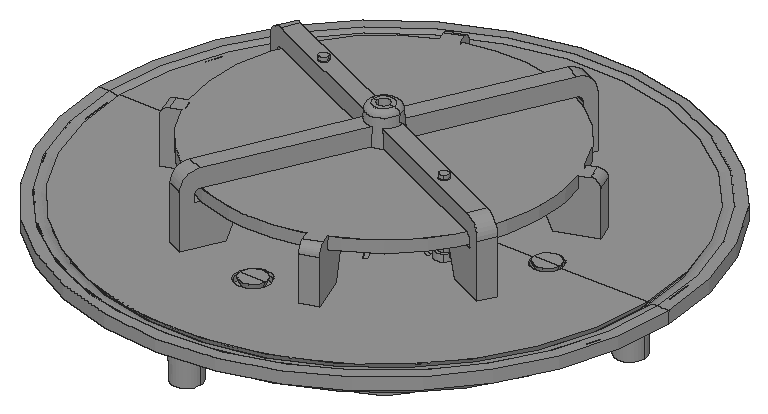
Revit family "MH-X00", category Plumbing Fixtures, Revit 2019
Family settings
  Round Connector Dimension = Use Diameter
  Part Type = Normal
  OmniClass Number = 23.70.50.21.24.11
  OmniClass Title = Roof Waste Water Drains
  Work Plane-Based = Yes
  Always vertical = No
  Cut with Voids When Loaded = No
  Shared = No
  Room Calculation Point = No
Parameters (values of type "MH-300")
  r2 = (12.59843" - 11.14173") / 2  # 0.72835"
  od3 = 0.19497"
  od2 = od1 - 0.07874"  # 0.31496"
  od1 = 0.3937"
  linearW = 2.12598"
  linearL = 0.98425"
  id3 = od3 / 2  # 0.09748"
  id1 = od1 / 2  # 0.19685"
  ff2 = 2.77299"
  V6 = no
  V5 = no
  V4 = yes
  V3 = yes
  V2 = no
  V1 = yes
  URL = "www.mifab.com"
  SC2 = SC1 / 1.5  # 0.11087"
  SC1 = 0.1663"
  RP2 = id1  # 0.19685"
  Model = "MH-300"
  Manufacturer = "MIFAB\r\n\r\nMIFAB\r\nMIFAB"
  II2 = HH2 / 1.25  # 0.09241"
  II1 = HH2 / 1.5  # 0.07701"
  HH2 = 0.11551"
  HH1 = 3.14492"
  G2 = 0.13276"
  G1 = EE / 1.25  # 2.99063"
  FF = 0"
  EE3 = 0.90319"
  EE2 = 3.27"
  EE1 = 2 233/256"
  EE = 3 189/256"
  Description = "3\" HydroMax Siphonic Roof Drain"
  Default Elevation = 48"
  Connection Dia = 2 1/2"
  C'1 = C' + 0.41339"  # 4.05512"
  C' = C / 2  # 3.64173"
  RP1 = od2 / 2  # 0.15748"
  R1 = 1.9685" / 9.375  # 0.20997"
  PIPE SIZE' = PIPE SIZE / 2  # 1.47638"
  PIPE SIZE = 2.95276"
  Material [instance] = Stainless Steel AISI 304
  D = 3.11024"
  C = 7.28346"
  B01 = B' - od1  # 5.49213"
  B' = B / 2  # 5.88583"
  B = 11.77165"
  A' = A / 2  # 6.49606"
  A = 12.99213"
Reference planes (in)
  plane 1 "Center (Front/Back)": y = 0
  plane 2: z = 0
  plane 3 "Center (Left/Right)": x = 0
  plane 4: x = -5.88583
  plane 5: x = -1.47638
  plane 6: z = -3.11024
  plane 7: x = -10.67639
  plane 8 "30.16": z = -1.1874
  plane 9: y = 5.88583
  plane 10: y = -5.88583
  plane 11: x = 5.88583
  plane 12: y = 5.49213
  plane 13: y = -5.49213
  plane 14: x = -5.49213
  plane 15: x = 5.49213
  plane 16: z = -1.50236
  plane 17: x = 3.64173
  plane 18: x = -3.64173
  plane 19: y = 3.64173
  plane 20: y = -3.64173
  plane 21: through (-3.9624, 1.85193, 47.24409) normal (0.4226, 0.9063, 0)
  plane 22: through (1.68821, 3.64509, 47.24409) normal (0.9063, -0.4226, 0)
  plane 23: through (0.00098, -0.00221, 47.24409) normal (0.342, -0.9397, 0)
  plane 24: through (0, 0, 47.24409) normal (0.9397, 0.342, 0)
  plane 25: x = 2.12598
  plane 26: y = -0.98425
  plane 27: through (27.53366, 1.85193, 47.24409) normal (0.4226, 0.9063, 0)
  plane 28: through (31.50514, 0, 47.24409) normal (-0.9063, 0.4226, 0)
  plane 29: z = 2.02323
Forms (in)
  Revolve 1, solid, material "Stainless Steel AISI 304" <- "Material", visible <- "V3"
    sketch origin (0, 0, 0) x (1, 0, 0) y (0, 0, 1)
      loop
        line (-1.47638, -3.11024) -> (-1.35827, -3.11024) -> (-1.35827, -1.69291)
        arc (-1.35827, -1.69291) -> (-1.6445, -0.99713) -> (-2.33935, -0.70866) r 0.98109
        line (-2.33935, -0.70866) -> (-5.42977, -0.70866) -> (-5.83536, -0.1456)
        arc (-5.83536, -0.1456) -> (-5.96308, -0.06025) -> (-6.11374, -0.03028) r 0.3937
        line (-6.11374, -0.03028) -> (-6.34843, -0.03028) -> (-6.34843, -0.30588) -> (-6.19094, -0.30588)
        arc (-6.19094, -0.30588) -> (-6.03839, -0.23141) -> (-5.88583, -0.30588) r 0.19351
        line (-5.88583, -0.30588) -> (-5.47576, -0.82677) -> (-2.46063, -0.82677)
        arc (-2.46063, -0.82677) -> (-1.76466, -1.11505) -> (-1.47638, -1.81102) r 0.98425
        line (-1.47638, -1.81102) -> (-1.47638, -3.11024)
      axis (0, -0.03028) -> (0, -3.11024)
    angle from 0 to 360
  Extrusion 2, void
    sketch origin (0, 0, 0) x (1, 0, 0) y (0, 1, 0)
      loop
        circle (0, 5.49213) r 0.19685
      loop
        circle (5.49213, 0) r 0.19685
      loop
        circle (-5.49213, 0) r 0.19685
      loop
        circle (0, -5.49213) r 0.19685
    from -1.9685 to -0.82677
  Revolve 3, void
    sketch origin (0, 0, 0) x (1, 0, 0) y (0, 0, 1)
      loop
        line (-3.64173, 0.00889) -> (-3.99784, 0.00889)
        arc (-3.99784, 0.00889) -> (-3.96759, -0.02595) -> (-3.95669, -0.07078) r 0.09771
        line (-3.95669, -0.07078) -> (-3.95669, -0.30588) -> (-3.64173, -0.30588) -> (-3.64173, 0.00889)
      axis (-3.64173, 0.00889) -> (-3.64173, -0.30588)
    angle from 0 to 360
  Revolve 4, solid, material "Stainless Steel AISI 304" <- "Material", visible <- "V1"
    sketch origin (0, 0, 0) x (1, 0, 0) y (0, 0, 1)
      loop
        line (0, -0.1884) -> (0, -0.03028) -> (-5.88583, -0.03028) -> (-5.75006, -0.1884) -> (0, -0.1884)
      axis (0, -0.1884) -> (0, -0.03028)
    angle from 0 to 360
  Revolve 5, void
    sketch origin (0, 0, 0) x (-1, 0, 0) y (0, 0, 1)
      loop
        line (-3.64173, 0.00889) -> (-3.99784, 0.00889)
        arc (-3.99784, 0.00889) -> (-3.96759, -0.02595) -> (-3.95669, -0.07078) r 0.09771
        line (-3.95669, -0.07078) -> (-3.95669, -0.30588) -> (-3.64173, -0.30588) -> (-3.64173, 0.00889)
      axis (-3.64173, 0.00889) -> (-3.64173, -0.30588)
    angle from 0 to 360
  Revolve 6, void
    sketch origin (-3.64173, -3.64173, 0) x (-1, 0, 0) y (0, 0, 1)
      loop
        line (-3.64173, 0.00889) -> (-4.03721, 0.00889)
        arc (-4.03721, 0.00889) -> (-4.00696, -0.02595) -> (-3.99606, -0.07078) r 0.09771
        line (-3.99606, -0.07078) -> (-3.99606, -0.30588) -> (-3.64173, -0.30588) -> (-3.64173, 0.00889)
      axis (-3.64173, 0.00889) -> (-3.64173, -0.30588)
    angle from 0 to 360
  Revolve 7, void
    sketch origin (-3.64173, 3.64173, 0) x (-1, 0, 0) y (0, 0, 1)
      loop
        line (-3.64173, 0.00889) -> (-4.03721, 0.00889)
        arc (-4.03721, 0.00889) -> (-4.00696, -0.02595) -> (-3.99606, -0.07078) r 0.09771
        line (-3.99606, -0.07078) -> (-3.99606, -0.30588) -> (-3.64173, -0.30588) -> (-3.64173, 0.00889)
      axis (-3.64173, 0.00889) -> (-3.64173, -0.30588)
    angle from 0 to 360
  Revolve 8, solid, material "Stainless Steel AISI 304" <- "Material", visible <- "V3"
    sketch origin (0, 0, 0) x (1, 0, 0) y (0, 0, 1)
      loop
        line (-3.91891, 0.00889) -> (-3.85191, -0.13565) -> (-3.80804, -0.13565) -> (-3.80804, -1.07116) -> (-3.77117, -1.10803) -> (-3.75901, -1.15338) -> (-3.725, -1.1874) -> (-3.64173, -1.1874) -> (-3.64173, 0.00889) -> (-3.91891, 0.00889)
      axis (-3.64173, -1.1874) -> (-3.64173, 0.00889)
    angle from 0 to 360
  Revolve 9, solid, material "Stainless Steel AISI 304" <- "Material", visible <- "V3"
    sketch origin (0, 0, 0) x (-1, 0, 0) y (0, 0, 1)
      loop
        line (-3.91891, 0.00889) -> (-3.85191, -0.13565) -> (-3.80804, -0.13565) -> (-3.80804, -1.07116) -> (-3.77117, -1.10803) -> (-3.75901, -1.15338) -> (-3.725, -1.1874) -> (-3.64173, -1.1874) -> (-3.64173, 0.00889) -> (-3.91891, 0.00889)
      axis (-3.64173, -1.1874) -> (-3.64173, 0.00889)
    angle from 0 to 360
  Revolve 10, solid, material "Stainless Steel AISI 304" <- "Material", visible <- "V4"
    sketch origin (-3.64173, -3.64173, 0) x (-1, 0, 0) y (0, 0, 1)
      loop
        line (-3.91891, 0.00889) -> (-3.85191, -0.13565) -> (-3.80804, -0.13565) -> (-3.80804, -1.07116) -> (-3.77117, -1.10803) -> (-3.75901, -1.15338) -> (-3.725, -1.1874) -> (-3.64173, -1.1874) -> (-3.64173, 0.00889) -> (-3.91891, 0.00889)
      axis (-3.64173, -1.1874) -> (-3.64173, 0.00889)
    angle from 0 to 360
  Revolve 11, solid, material "Stainless Steel AISI 304" <- "Material", not visible
    sketch origin (-3.64173, 3.64173, 0) x (-1, 0, 0) y (0, 0, 1)
      loop
        line (-3.91891, 0.00889) -> (-3.85191, -0.13565) -> (-3.80804, -0.13565) -> (-3.80804, -1.07116) -> (-3.77117, -1.10803) -> (-3.75901, -1.15338) -> (-3.725, -1.1874) -> (-3.64173, -1.1874) -> (-3.64173, 0.00889) -> (-3.91891, 0.00889)
      axis (-3.64173, -1.1874) -> (-3.64173, 0.00889)
    angle from 0 to 360
  Revolve 12, solid, material "Stainless Steel AISI 304" <- "Material", visible <- "V4"
    sketch origin (0, 0, 0) x (0, -1, 0) y (0, 0, 1)
      loop
        line (-3.95111, -1.50493) -> (-3.64173, -1.50493) -> (-3.64173, -0.82677) -> (-4.0951, -0.82677)
        arc (-4.0951, -0.82677) -> (-4.05198, -0.85705) -> (-4.03543, -0.90707) r 0.08386
        line (-4.03543, -0.90707) -> (-3.98863, -1.47078)
        arc (-3.98863, -1.47078) -> (-3.97647, -1.49511) -> (-3.95111, -1.50493) r 0.03769
      axis (-3.64173, -1.50493) -> (-3.64173, -0.82677)
    angle from 0 to 360
  Revolve 13, solid, material "Stainless Steel AISI 304" <- "Material", visible <- "V4"
    sketch origin (3.64173, -7.77559, 0) x (0, -1, 0) y (0, 0, 1)
      loop
        line (-8.08496, -1.50493) -> (-7.77559, -1.50493) -> (-7.77559, -0.82677) -> (-8.22896, -0.82677)
        arc (-8.22896, -0.82677) -> (-8.18584, -0.85705) -> (-8.16929, -0.90707) r 0.08386
        line (-8.16929, -0.90707) -> (-8.12249, -1.47078)
        arc (-8.12249, -1.47078) -> (-8.11033, -1.49511) -> (-8.08496, -1.50493) r 0.03769
      axis (-7.77559, -1.50493) -> (-7.77559, -0.82677)
    angle from 0 to 360
  Revolve 14, solid, material "Stainless Steel AISI 304" <- "Material", visible <- "V4"
    sketch origin (0, 0, 0) x (1, 0, 0) y (0, 0, 1)
      loop
        arc (5.82418, -0.42226) -> (5.84804, -0.36038) -> (5.88583, -0.30588) r 0.27909
        line (5.88583, -0.30588) -> (5.49213, -0.30588) -> (5.49213, -1.1874) -> (5.80709, -1.1874) -> (5.82418, -0.42226)
      axis (5.49213, -1.1874) -> (5.49213, -0.30588)
    angle from 0 to 360
  Revolve 15, solid, material "Stainless Steel AISI 304" <- "Material", visible <- "V4"
    sketch origin (0, 0, 0) x (-1, 0, 0) y (0, 0, 1)
      loop
        arc (5.8198, -0.42524) -> (5.8455, -0.36204) -> (5.88583, -0.30702) r 0.27767
        line (5.88583, -0.30702) -> (5.49213, -0.30702) -> (5.49213, -1.30551) -> (5.80709, -1.30551) -> (5.8198, -0.42524)
      axis (5.49213, -1.30551) -> (5.49213, -0.30702)
    angle from 0 to 360
  Extrusion 16, solid, material "Stainless Steel AISI 304" <- "Material", visible <- "V3"
    sketch origin (-1.52233, 1.38829, 0) x (-0.422618, -0.906308, 0) y (0, 0, -1)
      loop
        line (-3.4441, -0.00889) -> (-3.4441, -1.18999)
        arc (-3.4441, -1.18999) -> (-3.32879, -1.46838) -> (-3.0504, -1.58369) r 0.3937
        line (-3.0504, -1.58369) -> (-2.02432, -1.58369)
        arc (-2.02432, -1.58369) -> (-1.98171, -1.56128) -> (-1.97606, -1.51347) r 0.05169
        line (-1.97606, -1.51347) -> (-2.05587, -1.30555)
        arc (-2.05587, -1.30555) -> (-2.12064, -1.2234) -> (-2.22055, -1.19237) r 0.1764
        line (-2.22055, -1.19237) -> (-3.03449, -1.19237)
        arc (-3.03449, -1.19237) -> (-3.12981, -1.15289) -> (-3.16929, -1.05757) r 0.1348
        line (-3.16929, -1.05757) -> (-3.16929, -0.92777) -> (-2.33612, -0.92777)
        arc (-2.33612, -0.92777) -> (-2.25952, -0.88747) -> (-2.24935, -0.80151) r 0.09295
        line (-2.24935, -0.80151) -> (-2.55361, -0.00889) -> (-3.4441, -0.00889)
    from 1.76357 to 2.14838
  Extrusion 17, solid, material "Stainless Steel AISI 304" <- "Material", visible <- "V3"
    sketch origin (1.37256, 1.52238, 0) x (-0.906308, 0.422618, 0) y (0, 0, -1)
      loop
        line (-3.4441, -0.00889) -> (-3.4441, -1.18999)
        arc (-3.4441, -1.18999) -> (-3.32879, -1.46838) -> (-3.0504, -1.58369) r 0.3937
        line (-3.0504, -1.58369) -> (-2.02432, -1.58369)
        arc (-2.02432, -1.58369) -> (-1.98171, -1.56128) -> (-1.97606, -1.51347) r 0.05169
        line (-1.97606, -1.51347) -> (-2.05587, -1.30555)
        arc (-2.05587, -1.30555) -> (-2.12064, -1.2234) -> (-2.22055, -1.19237) r 0.1764
        line (-2.22055, -1.19237) -> (-3.03449, -1.19237)
        arc (-3.03449, -1.19237) -> (-3.12981, -1.15289) -> (-3.16929, -1.05757) r 0.1348
        line (-3.16929, -1.05757) -> (-3.16929, -0.92777) -> (-2.33612, -0.92777)
        arc (-2.33612, -0.92777) -> (-2.25952, -0.88747) -> (-2.24935, -0.80151) r 0.09295
        line (-2.24935, -0.80151) -> (-2.55361, -0.00889) -> (-3.4441, -0.00889)
    from 1.76357 to 2.14838
  Extrusion 18, solid, material "Stainless Steel AISI 304" <- "Material", visible <- "V3"
    sketch origin (0.26502, 2.03883, 0) x (0.906308, -0.422618, 0) y (0, 0, 1)
      loop
        line (-3.4441, 0.00889) -> (-2.55361, 0.00889) -> (-2.24935, 0.80151)
        arc (-2.24935, 0.80151) -> (-2.25952, 0.88747) -> (-2.33612, 0.92777) r 0.09295
        line (-2.33612, 0.92777) -> (-3.16929, 0.92777) -> (-3.16929, 1.05757)
        arc (-3.16929, 1.05757) -> (-3.12981, 1.15289) -> (-3.03449, 1.19237) r 0.1348
        line (-3.03449, 1.19237) -> (-2.22055, 1.19237)
        arc (-2.22055, 1.19237) -> (-2.12064, 1.2234) -> (-2.05587, 1.30555) r 0.1764
        line (-2.05587, 1.30555) -> (-1.97606, 1.51347)
        arc (-1.97606, 1.51347) -> (-1.98171, 1.56128) -> (-2.02432, 1.58369) r 0.05169
        line (-2.02432, 1.58369) -> (-3.0504, 1.58369)
        arc (-3.0504, 1.58369) -> (-3.32879, 1.46838) -> (-3.4441, 1.18999) r 0.3937
        line (-3.4441, 1.18999) -> (-3.4441, 0.00889)
    from 1.76357 to 2.14838
  Extrusion 19, solid, material "Stainless Steel AISI 304" <- "Material", visible <- "V3"
    sketch origin (0.09564, -2.04927, 0) x (0.939693, 0.34202, 0) y (0, 0, -1)
      loop
        line (-3.4441, -0.00889) -> (-3.4441, -0.99552)
        arc (-3.4441, -0.99552) -> (-3.38644, -1.13472) -> (-3.24725, -1.19237) r 0.19685
        line (-3.24725, -1.19237) -> (-2.90652, -1.19237)
        arc (-2.90652, -1.19237) -> (-3.00184, -1.15289) -> (-3.04132, -1.05757) r 0.1348
        line (-3.04132, -1.05757) -> (-3.04132, -0.92777) -> (-2.33612, -0.92777)
        arc (-2.33612, -0.92777) -> (-2.25952, -0.88747) -> (-2.24935, -0.80151) r 0.09295
        line (-2.24935, -0.80151) -> (-2.55361, -0.00889) -> (-3.4441, -0.00889)
    from 1.76357 to 2.14838
  Extrusion 20, solid, material "Stainless Steel AISI 304" <- "Material", visible <- "V3"
    sketch origin (-2.03878, 0.28075, 0) x (0.422618, 0.906308, 0) y (0, 0, 1)
      loop
        line (-3.4441, 0.00889) -> (-2.55361, 0.00889) -> (-2.24935, 0.80151)
        arc (-2.24935, 0.80151) -> (-2.25952, 0.88747) -> (-2.33612, 0.92777) r 0.09295
        line (-2.33612, 0.92777) -> (-3.16929, 0.92777) -> (-3.16929, 1.05757)
        arc (-3.16929, 1.05757) -> (-3.12981, 1.15289) -> (-3.03449, 1.19237) r 0.1348
        line (-3.03449, 1.19237) -> (-2.22055, 1.19237)
        arc (-2.22055, 1.19237) -> (-2.12064, 1.2234) -> (-2.05587, 1.30555) r 0.1764
        line (-2.05587, 1.30555) -> (-1.97606, 1.51347)
        arc (-1.97606, 1.51347) -> (-1.98171, 1.56128) -> (-2.02432, 1.58369) r 0.05169
        line (-2.02432, 1.58369) -> (-3.0504, 1.58369)
        arc (-3.0504, 1.58369) -> (-3.32879, 1.46838) -> (-3.4441, 1.18999) r 0.3937
        line (-3.4441, 1.18999) -> (-3.4441, 0.00889)
    from 1.76357 to 2.14838
  Extrusion 21, solid, material "Stainless Steel AISI 304" <- "Material", visible <- "V3"
    sketch origin (-0.00697, 0.00917, 0) x (0.707107, 0.707107, 0) y (-0.707107, 0.707107, 0)
      loop
        circle (-0.00338, -0.01323) r 3.64173
    from 0.92777 to 1.19237
  Revolve 22, solid, material "Stainless Steel AISI 304" <- "Material", visible <- "V4"
    sketch origin (0, 0, 0) x (0, 1, 0) y (0, 0, 1)
      loop
        line (-3.95111, -1.50107) -> (-3.64173, -1.50107) -> (-3.64173, -0.82677) -> (-4.0951, -0.82677)
        arc (-4.0951, -0.82677) -> (-4.05198, -0.85705) -> (-4.03543, -0.90707) r 0.08386
        line (-4.03543, -0.90707) -> (-3.98872, -1.46575)
        arc (-3.98872, -1.46575) -> (-3.9769, -1.49085) -> (-3.95111, -1.50107) r 0.03769
      axis (-3.64173, -1.50107) -> (-3.64173, -0.82677)
    angle from 0 to 360
  Extrusion 23, solid, material "Stainless Steel AISI 304" <- "Material", visible <- "V3"
    sketch origin (0, 0, 0) x (1, 0, 0) y (0, 1, 0)
      loop
        line (-2.79465, 1.5197) -> (-2.95728, 1.17094) -> (2.77897, -1.50392) -> (2.9416, -1.15516) -> (-2.79465, 1.5197)
    from 1.19237 to 1.58369
  Extrusion 24, solid, material "Stainless Steel AISI 304" <- "Material", visible <- "V3"
    sketch origin (0.00005, 0.01573, 0) x (0, 1, 0) y (-1, 0, 0)
      loop
        line (2.77897, -1.50392) -> (2.9416, -1.15516) -> (-2.79465, 1.5197) -> (-2.95728, 1.17094) -> (2.77897, -1.50392)
    from 1.19237 to 1.58369
  Extrusion 25, solid, material "Stainless Steel AISI 304" <- "Material", visible <- "V3"
    sketch origin (2.04782, 0.09254, 0) x (-0.34202, 0.939693, 0) y (0, 0, -1)
      loop
        line (-3.4441, -0.00889) -> (-3.4441, -0.99552)
        arc (-3.4441, -0.99552) -> (-3.38644, -1.13472) -> (-3.24725, -1.19237) r 0.19685
        line (-3.24725, -1.19237) -> (-2.90652, -1.19237)
        arc (-2.90652, -1.19237) -> (-3.00184, -1.15289) -> (-3.04132, -1.05757) r 0.1348
        line (-3.04132, -1.05757) -> (-3.04132, -0.92777) -> (-2.33612, -0.92777)
        arc (-2.33612, -0.92777) -> (-2.25952, -0.88747) -> (-2.24935, -0.80151) r 0.09295
        line (-2.24935, -0.80151) -> (-2.55361, -0.00889) -> (-3.4441, -0.00889)
    from 1.76357 to 2.14838
  Extrusion 26, solid, material "Stainless Steel AISI 304" <- "Material", visible <- "V3"
    sketch origin (1.62986, 1.24088, 0) x (0.34202, -0.939693, 0) y (0, 0, 1)
      loop
        line (-3.4441, 0.00889) -> (-2.55361, 0.00889) -> (-2.24935, 0.80151)
        arc (-2.24935, 0.80151) -> (-2.25952, 0.88747) -> (-2.33612, 0.92777) r 0.09295
        line (-2.33612, 0.92777) -> (-3.04132, 0.92777) -> (-3.04132, 1.05757)
        arc (-3.04132, 1.05757) -> (-3.00184, 1.15289) -> (-2.90652, 1.19237) r 0.1348
        line (-2.90652, 1.19237) -> (-3.24725, 1.19237)
        arc (-3.24725, 1.19237) -> (-3.38644, 1.13472) -> (-3.4441, 0.99552) r 0.19685
        line (-3.4441, 0.99552) -> (-3.4441, 0.00889)
    from 1.76357 to 2.14838
  Extrusion 27, solid, material "Stainless Steel AISI 304" <- "Material", visible <- "V3"
    sketch origin (1.24398, -1.6313, 0) x (-0.939693, -0.34202, 0) y (0, 0, 1)
      loop
        line (-3.4441, 0.00889) -> (-2.55361, 0.00889) -> (-2.24935, 0.80151)
        arc (-2.24935, 0.80151) -> (-2.25952, 0.88747) -> (-2.33612, 0.92777) r 0.09295
        line (-2.33612, 0.92777) -> (-3.04132, 0.92777) -> (-3.04132, 1.05757)
        arc (-3.04132, 1.05757) -> (-3.00184, 1.15289) -> (-2.90652, 1.19237) r 0.1348
        line (-2.90652, 1.19237) -> (-3.24725, 1.19237)
        arc (-3.24725, 1.19237) -> (-3.38644, 1.13472) -> (-3.4441, 0.99552) r 0.19685
        line (-3.4441, 0.99552) -> (-3.4441, 0.00889)
    from 1.76357 to 2.14838
  Revolve 28, solid, material "Stainless Steel AISI 304" <- "Material", visible <- "V4"
    sketch origin (-3.64173, -7.77559, 0) x (0, -1, 0) y (0, 0, 1)
      loop
        line (-8.08496, -1.50493) -> (-7.77559, -1.50493) -> (-7.77559, -0.82677) -> (-8.22896, -0.82677)
        arc (-8.22896, -0.82677) -> (-8.18584, -0.85705) -> (-8.16929, -0.90707) r 0.08386
        line (-8.16929, -0.90707) -> (-8.12249, -1.47078)
        arc (-8.12249, -1.47078) -> (-8.11033, -1.49511) -> (-8.08496, -1.50493) r 0.03769
      axis (-7.77559, -1.50493) -> (-7.77559, -0.82677)
    angle from 0 to 360
  Revolve 29, solid, material "Stainless Steel AISI 304" <- "Material", visible <- "V3"
    sketch origin (0, 0, 0) x (1, 0, 0) y (0, 0, 1)
      loop
        line (-0.1378, 1.89029) -> (-0.22757, 1.89029)
        arc (-0.22757, 1.89029) -> (-0.31424, 1.85615) -> (-0.35435, 1.77207) r 0.12709
        line (-0.35435, 1.77207) -> (-0.41339, 0.92777) -> (-0.1378, 0.92777) -> (-0.1378, 1.89029)
      axis (0, 0.92777) -> (0, 1.89029)
    angle from 0 to 360
  Extrusion 30, solid, material "Stainless Steel AISI 304" <- "Material", visible <- "V3"
    sketch origin (0, 0, 0) x (1, 0, 0) y (0, 1, 0)
      loop
        circle (-2.12598, 0.98425) r 0.11087
    from 0 to 1.58369
  Extrusion 31, solid, material "Stainless Steel AISI 304" <- "Material", visible <- "V3"
    sketch origin (0, 0, 0) x (1, 0, 0) y (0, 1, 0)
      loop
        circle (-2.12598, 0.98425) r 0.09748
    from 1.58369 to 1.65396
  Extrusion 32, solid, material "Stainless Steel AISI 304" <- "Material", visible <- "V3"
    sketch origin (0, 0, 0) x (1, 0, 0) y (0, 1, 0)
      loop
        circle (-2.12598, 0.98425) r 0.19685
    from 0 to 0.14616
  Extrusion 33, solid, material "Stainless Steel AISI 304" <- "Material", visible <- "V3"
    sketch origin (-0.01892, 0.00882, 0) x (-0.642788, 0.766044, 0) y (-0.766044, -0.642788, 0)
      loop
        circle (-2.13946, -1.00476) r 0.11087
    from 0 to 1.58369
  Extrusion 34, solid, material "Stainless Steel AISI 304" <- "Material", visible <- "V3"
    sketch origin (-0.01892, 0.00882, 0) x (-0.642788, 0.766044, 0) y (-0.766044, -0.642788, 0)
      loop
        circle (-2.13946, -1.00476) r 0.09748
    from 1.58369 to 1.65396
  Extrusion 35, solid, material "Stainless Steel AISI 304" <- "Material", visible <- "V3"
    sketch origin (-0.01892, 0.00882, 0) x (-0.642788, 0.766044, 0) y (-0.766044, -0.642788, 0)
      loop
        circle (-2.13946, -1.00476) r 0.19685
    from 0 to 0.14616
  Revolve 36, solid, material "Stainless Steel AISI 304" <- "Material", visible <- "V4"
    sketch origin (5.49213, 5.49213, 0) x (-1, 0, 0) y (0, 0, 1)
      loop
        arc (5.81041, -0.4128) -> (5.83851, -0.33845) -> (5.88583, -0.27459) r 0.28864
        line (5.88583, -0.27459) -> (5.49213, -0.27459) -> (5.49213, -1.30551) -> (5.80709, -1.30551) -> (5.81041, -0.4128)
      axis (5.49213, -1.30551) -> (5.49213, -0.27459)
    angle from 0 to 360
  Revolve 37, solid, material "Stainless Steel AISI 304" <- "Material", visible <- "V4"
    sketch origin (10.57418, -5.49213, 0) x (-1, 0, 0) y (0, 0, 1)
      loop
        arc (10.90624, -0.42226) -> (10.9301, -0.36038) -> (10.96788, -0.30588) r 0.27909
        line (10.96788, -0.30588) -> (10.57418, -0.30588) -> (10.57418, -1.22677) -> (10.88914, -1.22677) -> (10.90624, -0.42226)
      axis (10.57418, -1.22677) -> (10.57418, -0.30588)
    angle from 0 to 360
  Extrusion 38, solid, material "Stainless Steel AISI 304" <- "Material", visible <- "V5"
    sketch origin (0, 0, 0) x (1, 0, 0) y (0, 1, 0)
      loop
        circle (0, 0) r 3.27
    from -1.23386 to -1.07836
  Extrusion 39, void
    sketch origin (0, 0, 0) x (1, 0, 0) y (0, 1, 0)
      loop
        circle (-1.14466, 3.14492) r 0.11551
      loop
        circle (1.14466, -3.14492) r 0.11551
    from -3.11024 to 2.02323
  Revolve 40, solid, visible <- "V6"
    sketch origin (0, 0, 0) x (1, 0, 0) y (0, 0, 1)
      loop
        line (1, -3.11024) -> (1, -1.36781)
        arc (1, -1.36781) -> (1.21967, -0.83748) -> (1.75, -0.61781) r 0.75
        line (1.75, -0.61781) -> (2.48348, -0.61781) -> (2.96306, -0.03906) -> (4.0625, -0.03906) -> (4.0625, 0) -> (2.9447, 0) -> (2.46512, -0.57874) -> (1.75, -0.57874)
        arc (1.75, -0.57874) -> (1.19205, -0.80986) -> (0.96094, -1.36781) r 0.78906
        line (0.96094, -1.36781) -> (0.96094, -3.11024) -> (1, -3.11024)
      loop
        line (2.45769, 0) -> (0, 0) -> (0, -0.03906) -> (2.45769, -0.03906) -> (2.45769, 0)
      axis (0, 0) -> (0, -3.11024)
    angle from 0 to 360
  Extrusion 41, void
    sketch origin (0, 0, 0) x (1, 0, 0) y (0, 1, 0)
      loop
        circle (-3.5, 0) r 0.137
    from -3.11024 to 2.02323
  Extrusion 42, void
    sketch origin (-0.00222, 0.00385, 0) x (0.5, 0.866025, 0) y (-0.866025, 0.5, 0)
      loop
        circle (-3.50445, -0.00257) r 0.137
    from -3.11024 to 2.02323
  Extrusion 43, void
    sketch origin (-0.00222, 0.00385, 0) x (0.5, 0.866025, 0) y (-0.866025, 0.5, 0)
      loop
        circle (-1.75667, -3.03494) r 0.137
    from -3.11024 to 2.02323
  Extrusion 44, void
    sketch origin (0, -0.00514, 0) x (-1, 0, 0) y (0, -1, 0)
      loop
        circle (-3.5, -0.00514) r 0.137
    from -3.11024 to 2.02323
  Extrusion 45, void
    sketch origin (0.00222, -0.00385, 0) x (-0.5, -0.866025, 0) y (0.866025, -0.5, 0)
      loop
        circle (-3.5, 0) r 0.137
    from -3.11024 to 2.02323
  Extrusion 46, void
    sketch origin (0, 0, 0) x (1, 0, 0) y (0, 1, 0)
      loop
        line (0.04319, 0.94334) -> (0.04319, 2.12559)
        arc (0.04319, 2.12559) -> (-0.00414, 2.17291) -> (-0.05146, 2.12559) r 0.04733
        line (-0.05146, 2.12559) -> (-0.05146, 0.94334)
        arc (-0.05146, 0.94334) -> (-0.00414, 0.89602) -> (0.04319, 0.94334) r 0.04733
    from -0.03906 to 0
  Extrusion 47, void
    sketch origin (0, 0, 0) x (0.866025, 0.5, 0) y (-0.5, 0.866025, 0)
      loop
        line (0.04319, 0.94334) -> (0.04319, 2.12559)
        arc (0.04319, 2.12559) -> (-0.00414, 2.17291) -> (-0.05146, 2.12559) r 0.04733
        line (-0.05146, 2.12559) -> (-0.05146, 0.94334)
        arc (-0.05146, 0.94334) -> (-0.00414, 0.89602) -> (0.04319, 0.94334) r 0.04733
    from -0.03906 to 0
  Extrusion 48, void
    sketch origin (0, 0, 0) x (0.5, 0.866025, 0) y (-0.866025, 0.5, 0)
      loop
        line (0.04319, 0.94334) -> (0.04319, 2.12559)
        arc (0.04319, 2.12559) -> (-0.00414, 2.17291) -> (-0.05146, 2.12559) r 0.04733
        line (-0.05146, 2.12559) -> (-0.05146, 0.94334)
        arc (-0.05146, 0.94334) -> (-0.00414, 0.89602) -> (0.04319, 0.94334) r 0.04733
    from -0.03906 to 0
  Extrusion 49, void
    sketch origin (0, 0, 0) x (0, 1, 0) y (-1, 0, 0)
      loop
        line (0.04319, 0.94334) -> (0.04319, 2.12559)
        arc (0.04319, 2.12559) -> (-0.00414, 2.17291) -> (-0.05146, 2.12559) r 0.04733
        line (-0.05146, 2.12559) -> (-0.05146, 0.94334)
        arc (-0.05146, 0.94334) -> (-0.00414, 0.89602) -> (0.04319, 0.94334) r 0.04733
    from -0.03906 to 0
  Extrusion 50, void
    sketch origin (0, 0, 0) x (-0.5, 0.866025, 0) y (-0.866025, -0.5, 0)
      loop
        line (0.04319, 0.94334) -> (0.04319, 2.12559)
        arc (0.04319, 2.12559) -> (-0.00414, 2.17291) -> (-0.05146, 2.12559) r 0.04733
        line (-0.05146, 2.12559) -> (-0.05146, 0.94334)
        arc (-0.05146, 0.94334) -> (-0.00414, 0.89602) -> (0.04319, 0.94334) r 0.04733
    from -0.03906 to 0
  Extrusion 51, void
    sketch origin (0, 0, 0) x (-0.866025, 0.5, 0) y (-0.5, -0.866025, 0)
      loop
        line (0.04319, 0.94334) -> (0.04319, 2.12559)
        arc (0.04319, 2.12559) -> (-0.00414, 2.17291) -> (-0.05146, 2.12559) r 0.04733
        line (-0.05146, 2.12559) -> (-0.05146, 0.94334)
        arc (-0.05146, 0.94334) -> (-0.00414, 0.89602) -> (0.04319, 0.94334) r 0.04733
    from -0.03906 to 0
  Extrusion 52, void
    sketch origin (0, 0, 0) x (-1, 0, 0) y (0, -1, 0)
      loop
        line (0.04319, 0.94334) -> (0.04319, 2.12559)
        arc (0.04319, 2.12559) -> (-0.00414, 2.17291) -> (-0.05146, 2.12559) r 0.04733
        line (-0.05146, 2.12559) -> (-0.05146, 0.94334)
        arc (-0.05146, 0.94334) -> (-0.00414, 0.89602) -> (0.04319, 0.94334) r 0.04733
    from -0.03906 to 0
  Extrusion 53, void
    sketch origin (0, 0, 0) x (-0.866025, -0.5, 0) y (0.5, -0.866025, 0)
      loop
        line (0.04319, 0.94334) -> (0.04319, 2.12559)
        arc (0.04319, 2.12559) -> (-0.00414, 2.17291) -> (-0.05146, 2.12559) r 0.04733
        line (-0.05146, 2.12559) -> (-0.05146, 0.94334)
        arc (-0.05146, 0.94334) -> (-0.00414, 0.89602) -> (0.04319, 0.94334) r 0.04733
    from -0.03906 to 0
  Extrusion 54, void
    sketch origin (0, 0, 0) x (-0.5, -0.866025, 0) y (0.866025, -0.5, 0)
      loop
        line (0.04319, 0.94334) -> (0.04319, 2.12559)
        arc (0.04319, 2.12559) -> (-0.00414, 2.17291) -> (-0.05146, 2.12559) r 0.04733
        line (-0.05146, 2.12559) -> (-0.05146, 0.94334)
        arc (-0.05146, 0.94334) -> (-0.00414, 0.89602) -> (0.04319, 0.94334) r 0.04733
    from -0.03906 to 0
  Extrusion 55, void
    sketch origin (0, 0, 0) x (0, -1, 0) y (1, 0, 0)
      loop
        line (0.04319, 0.94334) -> (0.04319, 2.12559)
        arc (0.04319, 2.12559) -> (-0.00414, 2.17291) -> (-0.05146, 2.12559) r 0.04733
        line (-0.05146, 2.12559) -> (-0.05146, 0.94334)
        arc (-0.05146, 0.94334) -> (-0.00414, 0.89602) -> (0.04319, 0.94334) r 0.04733
    from -0.03906 to 0
  Extrusion 56, void
    sketch origin (0, 0, 0) x (0.5, -0.866025, 0) y (0.866025, 0.5, 0)
      loop
        line (0.04319, 0.94334) -> (0.04319, 2.12559)
        arc (0.04319, 2.12559) -> (-0.00414, 2.17291) -> (-0.05146, 2.12559) r 0.04733
        line (-0.05146, 2.12559) -> (-0.05146, 0.94334)
        arc (-0.05146, 0.94334) -> (-0.00414, 0.89602) -> (0.04319, 0.94334) r 0.04733
    from -0.03906 to 0
  Extrusion 57, void
    sketch origin (0, 0, 0) x (0.866025, -0.5, 0) y (0.5, 0.866025, 0)
      loop
        line (0.04319, 0.94334) -> (0.04319, 2.12559)
        arc (0.04319, 2.12559) -> (-0.00414, 2.17291) -> (-0.05146, 2.12559) r 0.04733
        line (-0.05146, 2.12559) -> (-0.05146, 0.94334)
        arc (-0.05146, 0.94334) -> (-0.00414, 0.89602) -> (0.04319, 0.94334) r 0.04733
    from -0.03906 to 0
  Extrusion 58, void
    sketch origin (-0.00222, 0.00385, 0) x (0.5, 0.866025, 0) y (-0.866025, 0.5, 0)
      loop
        circle (1.74333, 3.02724) r 0.137
    from -3.11024 to 2.02323
  Extrusion 59, solid, visible <- "V6"
    sketch origin (0, 0, 0) x (1, 0, 0) y (0, 0, 1)
      loop
        line (2.32289, -0.03906) -> (1.31338, -0.03906) -> (1.91276, -0.57874) -> (2.32289, -0.57874) -> (2.32289, -0.03906)
      loop
        line (-2.32289, -0.03906) -> (-2.32289, -0.57874) -> (-1.91276, -0.57874) -> (-1.31338, -0.03906) -> (-2.32289, -0.03906)
    from -0.04319 to 0.05146
  Extrusion 60, solid, visible <- "V6"
    sketch origin (-0.00767, -0.00414, 0) x (0, 1, 0) y (0, 0, 1)
      loop
        line (2.32289, -0.03906) -> (1.31338, -0.03906) -> (1.91276, -0.57874) -> (2.32289, -0.57874) -> (2.32289, -0.03906)
      loop
        line (-2.32289, -0.03906) -> (-2.32289, -0.57874) -> (-1.91276, -0.57874) -> (-1.31338, -0.03906) -> (-2.32289, -0.03906)
    from -0.04319 to 0.05146
  Extrusion 61, solid
    sketch origin (0.00002, -0.00657, 0) x (-0.573576, 0.819152, 0) y (-0.819152, -0.573576, 0)
      loop
        circle (1.50511, 0.86378) r 0.157
      loop
        circle (1.50511, 0.86378) r 0.13781
    from -0.57874 to -0.34451
  Extrusion 62, solid
    sketch origin (0.00284, -0.00539, 0) x (-0.984808, 0.173648, 0) y (-0.173648, -0.984808, 0)
      loop
        circle (1.50511, 0.86378) r 0.157
      loop
        circle (1.50511, 0.86378) r 0.13781
    from -0.57874 to -0.34451
  Extrusion 63, solid
    sketch origin (0.004, -0.00255, 0) x (-0.819152, -0.573576, 0) y (0.573576, -0.819152, 0)
      loop
        circle (1.50511, 0.86378) r 0.157
      loop
        circle (1.50511, 0.86378) r 0.13781
    from -0.57874 to -0.34451
  Extrusion 64, solid
    sketch origin (-0.00484, -0.00505, 0) x (0.087156, 0.996195, 0) y (-0.996195, 0.087156, 0)
      loop
        circle (1.63302, -0.59832) r 0.157
      loop
        circle (1.63302, -0.59832) r 0.13781
    from -0.57874 to -0.34451
  Extrusion 65, solid
    sketch origin (-0.00512, 0.00045, 0) x (0.766044, 0.642788, 0) y (-0.642788, 0.766044, 0)
      loop
        circle (1.63302, -0.59832) r 0.157
      loop
        circle (1.63302, -0.59832) r 0.13781
    from -0.57874 to -0.34451
  Extrusion 66, solid
    sketch origin (-0.00143, 0.00453, 0) x (0.996195, -0.087156, 0) y (0.087156, 0.996195, 0)
      loop
        circle (1.63302, -0.59832) r 0.157
      loop
        circle (1.63302, -0.59832) r 0.13781
    from -0.57874 to -0.34451
Cuts and joins
  Revolve 3, Revolve 5, Revolve 6, Revolve 7, Extrusion 47, Extrusion 48, Extrusion 49, Extrusion 50, Extrusion 51, Extrusion 52, Extrusion 53, Extrusion 54, Extrusion 55, Extrusion 56, Extrusion 57, Extrusion 58 cuts Revolve 4
  Revolve 3 cuts Revolve 1
  Extrusion 2 cuts Revolve 14
  Extrusion 2 cuts Revolve 15
  Extrusion 58 cuts Extrusion 16
  Extrusion 58 cuts Extrusion 17
  Extrusion 58 cuts Extrusion 18
  Extrusion 58 cuts Extrusion 20
  Extrusion 58 cuts Extrusion 23
  Extrusion 58 cuts Extrusion 24
  joined: Extrusion 16, Extrusion 17, Extrusion 18, Extrusion 20, Extrusion 23, Extrusion 24
  Extrusion 2 cuts Revolve 36
  Extrusion 2 cuts Revolve 37
  Extrusion 47, Extrusion 48, Extrusion 49, Extrusion 50, Extrusion 51, Extrusion 52, Extrusion 53, Extrusion 54, Extrusion 55, Extrusion 56, Extrusion 57 cuts Extrusion 38
  Extrusion 41, Extrusion 42, Extrusion 43, Extrusion 44, Extrusion 45, Extrusion 46, Extrusion 47, Extrusion 48, Extrusion 49, Extrusion 50, Extrusion 51, Extrusion 52, Extrusion 53, Extrusion 54, Extrusion 55, Extrusion 56, Extrusion 57, Extrusion 58 cuts Revolve 40
  Extrusion 42 cuts Revolve 8
  Extrusion 42 cuts Revolve 28
  Extrusion 58 cuts Extrusion 19
  Extrusion 58 cuts Extrusion 25
  Extrusion 58 cuts Extrusion 27
  joined: Extrusion 19, Extrusion 21, Extrusion 25, Extrusion 26, Extrusion 27
Lines and regions (in)
  model lines
    curve 1: circle (0, -0.00257, 0) r 3.05103 normal (0, 0, 1)
  reference lines
    curve 2: line (-2.12598, 1.24958, 0) -> (-2.12598, -0.50454, 0)
    curve 3: line (-1.51876, 0.98425, 0) -> (1.61996, 0.98425, 0)
Dimensions and locks (in)
  "B'": plane 4 to plane 3 "Center (Left/Right)"  (x2)
  "PIPE SIZE'": plane 3 "Center (Left/Right)" to plane 5
  "D": level to plane 6
  Revolve 1 sketch curve to Revolve 1 sketch curve = 0.11811"
  locked: Revolve 1 sketch curve to Revolve 1 sketch curve at 0.27559
  "RP1": Revolve 1 sketch curve to Revolve 1 sketch curve
  locked: level to plane 8 "30.16" at 1.1874
  "B'": plane 10 to plane 1 "Center (Front/Back)"
  "B'": plane 9 to plane 1 "Center (Front/Back)"
  "B'": plane 11 to plane 3 "Center (Left/Right)"
  "B01": plane 12 to plane 1 "Center (Front/Back)"
  "B01": plane 1 "Center (Front/Back)" to plane 13
  "B01": plane 3 "Center (Left/Right)" to plane 15
  "B01": plane 14 to plane 3 "Center (Left/Right)"
  plane 8 "30.16" to plane 16 = 0.31496"
  "C'": plane 3 "Center (Left/Right)" to plane 17
  "C'": plane 18 to plane 3 "Center (Left/Right)"
  "od2": Revolve 3 sketch curve to Revolve 3 sketch curve
  "od2": plane 17 to Revolve 5 sketch curve
  "C'": plane 1 "Center (Front/Back)" to plane 19
  "C'": plane 20 to plane 1 "Center (Front/Back)"
  "SC1": Revolve 8 sketch curve to Revolve 8 sketch curve
  "SC2": Revolve 8 sketch curve to Revolve 8 sketch curve
  "SC1": Revolve 9 sketch curve to Revolve 9 sketch curve
  "SC2": Revolve 9 sketch curve to Revolve 9 sketch curve
  "SC1": Revolve 10 sketch curve to Revolve 10 sketch curve
  "SC2": Revolve 10 sketch curve to Revolve 10 sketch curve
  "SC1": Revolve 11 sketch curve to Revolve 11 sketch curve
  "SC2": Revolve 11 sketch curve to Revolve 11 sketch curve
  "od1": Revolve 12 sketch curve to Revolve 12 sketch curve
  "od1": Revolve 13 sketch curve to Revolve 13 sketch curve
  "od1": Revolve 14 sketch curve to plane 15
  "RP2": plane 16 to cut or joined group of Extrusion 2, Revolve 15
  "C'1": plane 22 to Extrusion 17
  "C'1": plane 22 to Extrusion 18
  "C'1": plane 24 to Extrusion 19
  "C'1": plane 21 to Extrusion 16
  "C'1": plane 21 to Extrusion 20
  "od1": Revolve 22 sketch curve to Revolve 22 sketch curve
  "C'1": plane 23 to Extrusion 25
  "C'1": plane 23 to Extrusion 26
  "C'1": plane 24 to Extrusion 27
  "od1": Revolve 28 sketch curve to Revolve 28 sketch curve
  "linearL": plane 1 "Center (Front/Back)" to curve 3
  "linearW": curve 2 to plane 3 "Center (Left/Right)"
  "linearL": plane 1 "Center (Front/Back)" to plane 26
  "linearW": plane 3 "Center (Left/Right)" to plane 25
  "od1": Revolve 36 sketch curve to Revolve 36 sketch curve
  "od2": Revolve 36 sketch curve to Revolve 36 sketch curve
  "od1": Revolve 37 sketch curve to Revolve 37 sketch curve
  "od2": Revolve 37 sketch curve to Revolve 37 sketch curve
  "od2": Revolve 14 sketch curve to Revolve 14 sketch curve
  "od1": Revolve 15 sketch curve to Revolve 15 sketch curve
  "od2": Revolve 15 sketch curve to Revolve 15 sketch curve
  plane 29 to level = 2.02323"
  locked: Extrusion 38 to Extrusion 38 at 0.1555  (x2)
  "HH1": plane 1 "Center (Front/Back)" to Extrusion 39 sketch curve
  "HH1": Extrusion 39 sketch curve to plane 1 "Center (Front/Back)"
  Revolve 40 sketch curve to plane 3 "Center (Left/Right)" = 1"
  Revolve 40 sketch curve to Revolve 40 sketch curve = 0.61781"
  plane 3 "Center (Left/Right)" to Revolve 40 sketch curve = 4 1/16"
  plane 3 "Center (Left/Right)" to Revolve 40 sketch curve = 2.45769"
  Revolve 40 sketch curve to Revolve 40 sketch curve = 1.09944"
  Revolve 40 sketch curve to Revolve 40 sketch curve = 0.73348"
  Extrusion 41 sketch curve to plane 3 "Center (Left/Right)" = 3 1/2"
  plane 3 "Center (Left/Right)" to Extrusion 44 sketch curve = 3 1/2"
  "id1": radius of Extrusion 2 sketch curve  (x4)
  radius of Extrusion 21 sketch curve = 3.64173"
  "C'": radius of Extrusion 21 sketch curve
  "id1": radius of Extrusion 32 sketch curve
  "id3": radius of Extrusion 31 sketch curve
  "SC2": radius of Extrusion 30 sketch curve
  "id1": radius of Extrusion 35 sketch curve
  "id3": radius of Extrusion 34 sketch curve
  "SC2": radius of Extrusion 33 sketch curve
  "EE2": radius of Extrusion 38 sketch curve
  "HH2": radius of Extrusion 39 sketch curve  (x2)
  radius of Revolve 40 sketch curve = 3/4"
  angle plane 22 to plane 3 "Center (Left/Right)" = 25.00°
  angle plane 21 to plane 22 = 90.00°
  locked: plane 21 to plane 3 "Center (Left/Right)" (angle 115.00°)
  angle plane 23 to plane 22 = 45.00°
  aligned and locked: plane 5 to Revolve 1 sketch curve
  aligned and locked: plane 2 to Revolve 1 sketch curve
  aligned and locked: Revolve 1 sketch curve to plane 3 "Center (Left/Right)"
  aligned and locked: plane 4 to Revolve 1 sketch curve
  aligned and locked: plane 12 to Extrusion 2 sketch curve
  aligned and locked: plane 3 "Center (Left/Right)" to Extrusion 2 sketch curve  (x2)
  aligned and locked: plane 15 to Extrusion 2 sketch curve
  aligned and locked: plane 1 "Center (Front/Back)" to Extrusion 2 sketch curve  (x2)
  aligned and locked: Revolve 3 sketch curve to plane 18
  aligned and locked: plane 3 "Center (Left/Right)" to Revolve 4 sketch curve
  aligned and locked: plane 19 to Revolve 7
  aligned and locked: plane 20 to Revolve 6
  aligned and locked: plane 18 to Revolve 8 sketch curve
  aligned and locked: Revolve 8 sketch curve to Revolve 8 sketch curve
  aligned and locked: Revolve 9 sketch curve to Revolve 9 sketch curve
  aligned and locked: Revolve 10 sketch curve to Revolve 10 sketch curve
  aligned and locked: plane 20 to Revolve 10
  aligned and locked: Revolve 11 sketch curve to Revolve 11 sketch curve
  aligned and locked: plane 19 to Revolve 11
  aligned and locked: Revolve 12 sketch curve to Revolve 12 sketch curve
  aligned and locked: Revolve 13 sketch curve to Revolve 13 sketch curve
  aligned and locked: plane 17 to Revolve 13
  aligned and locked: plane 15 to Revolve 14 sketch curve
  aligned and locked: plane 8 "30.16" to Revolve 14 sketch curve
  aligned and locked: Revolve 14 sketch curve to Revolve 14 sketch curve  (x2)
  aligned and locked: Revolve 15 sketch curve to Revolve 15 sketch curve  (x2)
  aligned and locked: Revolve 22 sketch curve to Revolve 22 sketch curve
  aligned and locked: Extrusion 18 to Extrusion 23 sketch curve
  aligned and locked: Extrusion 23 sketch curve to Extrusion 17  (x2)
  aligned and locked: Revolve 28 sketch curve to Revolve 28 sketch curve
  aligned and locked: plane 18 to Revolve 28
  aligned and locked: plane 3 "Center (Left/Right)" to Revolve 29 sketch curve
  aligned and locked: Extrusion 24 sketch curve to Extrusion 16
  aligned and locked: Extrusion 24 sketch curve to Extrusion 20  (x3)
  aligned and locked: Extrusion 30 sketch curve to curve 3
  aligned and locked: curve 2 to Extrusion 30 sketch curve
  aligned and locked: Extrusion 30 to Extrusion 18
  aligned and locked: plane 14 to Extrusion 2 sketch curve
  aligned and locked: Extrusion 31 sketch curve to curve 3
  aligned and locked: curve 2 to Extrusion 31 sketch curve
  aligned and locked: curve 2 to Extrusion 32 sketch curve
  aligned and locked: Extrusion 32 sketch curve to curve 3
  aligned and locked: plane 26 to Extrusion 35 sketch curve
  aligned and locked: plane 25 to Extrusion 35 sketch curve
  aligned and locked: plane 25 to Extrusion 34 sketch curve
  aligned and locked: plane 26 to Extrusion 34 sketch curve
  aligned and locked: plane 25 to Extrusion 33 sketch curve
  aligned and locked: plane 26 to Extrusion 33 sketch curve
  aligned and locked: plane 13 to Extrusion 2 sketch curve
  aligned and locked: Revolve 36 sketch curve to Revolve 36 sketch curve  (x2)
  aligned and locked: plane 12 to cut or joined group of Extrusion 2, Revolve 36  (x2)
  aligned and locked: Revolve 37 sketch curve to Revolve 37 sketch curve  (x2)
  aligned and locked: plane 13 to Revolve 37
  aligned and locked: Revolve 36 sketch curve to plane 3 "Center (Left/Right)"
  aligned and locked: plane 3 "Center (Left/Right)" to Revolve 37 sketch curve
  aligned and locked: plane 14 to Revolve 15 sketch curve
  aligned and locked: plane 1 "Center (Front/Back)" to Extrusion 38 sketch curve
  aligned and locked: plane 3 "Center (Left/Right)" to Extrusion 38 sketch curve
  aligned and locked: plane 24 to Extrusion 39 sketch curve  (x2)
  aligned and locked: Extrusion 39 to plane 6
  aligned and locked: Revolve 40 sketch curve to plane 3 "Center (Left/Right)"  (x2)
  aligned and locked: Revolve 40 sketch curve to plane 6
  aligned and locked: Extrusion 46 to cut or joined group 1 (Revolve 40, Extrusion 41, Extrusion 42, Extrusion 43, Extrusion 44, Extrusion 45, Extrusion 46, Extrusion 47, Extrusion 48, Extrusion 49, Extrusion 50, Extrusion 51, Extrusion 52, Extrusion 53, Extrusion 54, Extrusion 55, Extrusion 56, Extrusion 57, Extrusion 58)
  aligned and locked: plane 1 "Center (Front/Back)" to Extrusion 44 sketch curve
  aligned and locked: cut or joined group 1 to Extrusion 59 sketch curve
  aligned and locked: Extrusion 59 sketch curve to cut or joined group 1  (x2)
  aligned and locked: Extrusion 61 to cut or joined group 1
  aligned and locked: cut or joined group of Revolve 1, Revolve 3 to Revolve 4 sketch curve
Automatic sketch dimensions
  Extrusion 46 sketch curve to Extrusion 46 sketch curve = 1.18224"
  Extrusion 46 sketch curve to Extrusion 46 sketch curve = 0.04733"
  Extrusion 47 sketch curve to Extrusion 47 sketch curve = 1.18224"
  Extrusion 47 sketch curve to Extrusion 47 sketch curve = 0.04733"
  Extrusion 48 sketch curve to Extrusion 48 sketch curve = 1.18224"
  Extrusion 48 sketch curve to Extrusion 48 sketch curve = 0.04733"
  Extrusion 49 sketch curve to Extrusion 49 sketch curve = 1.18224"
  Extrusion 49 sketch curve to Extrusion 49 sketch curve = 0.04733"
  Extrusion 50 sketch curve to Extrusion 50 sketch curve = 1.18224"
  Extrusion 50 sketch curve to Extrusion 50 sketch curve = 0.04733"
  Extrusion 51 sketch curve to Extrusion 51 sketch curve = 1.18224"
  Extrusion 51 sketch curve to Extrusion 51 sketch curve = 0.04733"
  Extrusion 52 sketch curve to Extrusion 52 sketch curve = 1.18224"
  Extrusion 52 sketch curve to Extrusion 52 sketch curve = 0.04733"
  Extrusion 53 sketch curve to Extrusion 53 sketch curve = 1.18224"
  Extrusion 53 sketch curve to Extrusion 53 sketch curve = 0.04733"
  Extrusion 54 sketch curve to Extrusion 54 sketch curve = 1.18224"
  Extrusion 54 sketch curve to Extrusion 54 sketch curve = 0.04733"
  Extrusion 55 sketch curve to Extrusion 55 sketch curve = 1.18224"
  Extrusion 55 sketch curve to Extrusion 55 sketch curve = 0.04733"
  Extrusion 56 sketch curve to Extrusion 56 sketch curve = 1.18224"
  Extrusion 56 sketch curve to Extrusion 56 sketch curve = 0.04733"
  Extrusion 57 sketch curve to Extrusion 57 sketch curve = 1.18224"
  Extrusion 57 sketch curve to Extrusion 57 sketch curve = 0.04733"
  curve 1 to plane 3 "Center (Left/Right)" = 0"
  plane 23 to curve 1 = 0"
  Revolve 6 sketch curve to plane 3 "Center (Left/Right)" = 0"  (x2)
  Revolve 6 sketch curve to Revolve 6 sketch curve = 0.35433"
  Revolve 6 sketch curve to level = 0.00889"
  Revolve 6 sketch curve to Revolve 6 sketch curve = 0.04114"
  level to Revolve 6 sketch curve = 0.07078"
  Revolve 6 sketch curve to Revolve 6 sketch curve = 0.23509"
  plane 16 to Revolve 6 sketch curve = 139/256"
  Revolve 6 sketch curve to Revolve 6 sketch curve = 0.22923"
  Revolve 7 sketch curve to plane 3 "Center (Left/Right)" = 0"  (x2)
  plane 3 "Center (Left/Right)" to Revolve 7 sketch curve = 0.35433"
  level to Revolve 7 sketch curve = 0.00889"
  Revolve 7 sketch curve to Revolve 7 sketch curve = 0.04114"
  Revolve 7 sketch curve to level = 0.07078"
  Revolve 7 sketch curve to Revolve 7 sketch curve = 0.23509"
  Revolve 7 sketch curve to plane 16 = 139/256"
  Revolve 7 sketch curve to Revolve 7 sketch curve = 0.22923"
  level to Extrusion 19 sketch curve = 0.00889"
  Extrusion 19 sketch curve to plane 24 = 4.05512"
  Extrusion 19 sketch curve to Extrusion 19 sketch curve = 0.19685"
  Extrusion 19 sketch curve to Extrusion 19 sketch curve = 0.20592"
  Extrusion 19 sketch curve to Extrusion 19 sketch curve = 0.1348"
  Extrusion 19 sketch curve to Extrusion 19 sketch curve = 0.89049"
  Extrusion 19 sketch curve to Extrusion 19 sketch curve = 0.5704"
  level to Extrusion 19 sketch curve = 0.80151"
  Extrusion 19 sketch curve to Extrusion 19 sketch curve = 0.08677"
  Extrusion 19 sketch curve to Extrusion 19 sketch curve = 0.03331"
  Extrusion 19 sketch curve to Extrusion 19 sketch curve = 0.06775"
  level to Extrusion 25 sketch curve = 0.00889"
  plane 23 to Extrusion 25 sketch curve = 4.05512"
  Extrusion 25 sketch curve to Extrusion 25 sketch curve = 0.19685"
  Extrusion 25 sketch curve to Extrusion 25 sketch curve = 0.20592"
  Extrusion 25 sketch curve to Extrusion 25 sketch curve = 0.1348"
  Extrusion 25 sketch curve to Extrusion 25 sketch curve = 0.89049"
  Extrusion 25 sketch curve to Extrusion 25 sketch curve = 0.5704"
  level to Extrusion 25 sketch curve = 0.80151"
  Extrusion 25 sketch curve to Extrusion 25 sketch curve = 0.08677"
  Extrusion 25 sketch curve to Extrusion 25 sketch curve = 0.03331"
  Extrusion 25 sketch curve to Extrusion 25 sketch curve = 0.06775"
  level to Extrusion 26 sketch curve = 0.00889"
  Extrusion 26 sketch curve to plane 23 = 4.05512"
  Extrusion 26 sketch curve to Extrusion 26 sketch curve = 0.19685"
  Extrusion 26 sketch curve to Extrusion 26 sketch curve = 0.20592"
  Extrusion 26 sketch curve to Extrusion 26 sketch curve = 0.1348"
  Extrusion 26 sketch curve to Extrusion 26 sketch curve = 0.89049"
  Extrusion 26 sketch curve to Extrusion 26 sketch curve = 0.5704"
  level to Extrusion 26 sketch curve = 0.80151"
  Extrusion 26 sketch curve to Extrusion 26 sketch curve = 0.08677"
  Extrusion 26 sketch curve to Extrusion 26 sketch curve = 0.03331"
  Extrusion 26 sketch curve to Extrusion 26 sketch curve = 0.06775"
  level to Extrusion 27 sketch curve = 0.00889"
  plane 24 to Extrusion 27 sketch curve = 4.05512"
  Extrusion 27 sketch curve to Extrusion 27 sketch curve = 0.19685"
  Extrusion 27 sketch curve to Extrusion 27 sketch curve = 0.20592"
  Extrusion 27 sketch curve to Extrusion 27 sketch curve = 0.1348"
  Extrusion 27 sketch curve to Extrusion 27 sketch curve = 0.89049"
  Extrusion 27 sketch curve to Extrusion 27 sketch curve = 0.5704"
  level to Extrusion 27 sketch curve = 0.80151"
  Extrusion 27 sketch curve to Extrusion 27 sketch curve = 0.08677"
  Extrusion 27 sketch curve to Extrusion 27 sketch curve = 0.03331"
  Extrusion 27 sketch curve to Extrusion 27 sketch curve = 0.06775"
  plane 1 "Center (Front/Back)" to Extrusion 41 sketch curve = 0"
  Extrusion 60 sketch curve to level = 5/128"  (x2)
  plane 20 to Extrusion 60 sketch curve = 1.3147"
  Extrusion 60 sketch curve to Extrusion 60 sketch curve = 105/256"  (x2)
  Extrusion 60 sketch curve to plane 26 = 0.33327"
  Extrusion 60 sketch curve to plane 1 "Center (Front/Back)" = 1.30924"
  Extrusion 60 sketch curve to level = 0.57874"  (x2)
  Extrusion 60 sketch curve to Extrusion 60 sketch curve = 0.59938"
  Extrusion 61 sketch curve to Extrusion 61 sketch curve = 0"  (x4)
  Extrusion 62 sketch curve to Extrusion 62 sketch curve = 0"  (x4)
  Extrusion 63 sketch curve to Extrusion 63 sketch curve = 0"  (x4)
  Extrusion 64 sketch curve to Extrusion 64 sketch curve = 0"  (x4)
  Extrusion 65 sketch curve to Extrusion 65 sketch curve = 0"  (x4)
  Extrusion 66 sketch curve to Extrusion 66 sketch curve = 0"  (x4)
  level to Extrusion 16 sketch curve = 0.00889"
  plane 21 to Extrusion 16 sketch curve = 4.05512"
  Extrusion 16 sketch curve to Extrusion 16 sketch curve = 0.27481"
  Extrusion 16 sketch curve to Extrusion 16 sketch curve = 0.11889"
  Extrusion 16 sketch curve to Extrusion 16 sketch curve = 0.01591"
  Extrusion 16 sketch curve to Extrusion 16 sketch curve = 0.89049"
  Extrusion 16 sketch curve to Extrusion 16 sketch curve = 0.69837"
  level to Extrusion 16 sketch curve = 0.80151"
  Extrusion 16 sketch curve to Extrusion 16 sketch curve = 0.08677"
  Extrusion 16 sketch curve to Extrusion 16 sketch curve = 0.11557"
  Extrusion 16 sketch curve to plane 29 = 0.71767"
  Extrusion 16 sketch curve to Extrusion 16 sketch curve = 0.16468"
  Extrusion 16 sketch curve to Extrusion 16 sketch curve = 0.03155"
  Extrusion 16 sketch curve to plane 29 = 0.50976"
  Extrusion 16 sketch curve to Extrusion 16 sketch curve = 0.04826"
  Extrusion 16 sketch curve to Extrusion 16 sketch curve = 0.01853"
  Extrusion 16 sketch curve to Extrusion 16 sketch curve = 0.06322"
  Extrusion 16 sketch curve to Extrusion 16 sketch curve = 0.12981"
  level to Extrusion 17 sketch curve = 0.00889"
  plane 22 to Extrusion 17 sketch curve = 4.05512"
  Extrusion 17 sketch curve to Extrusion 17 sketch curve = 0.27481"
  Extrusion 17 sketch curve to Extrusion 17 sketch curve = 0.11889"
  Extrusion 17 sketch curve to Extrusion 17 sketch curve = 0.01591"
  Extrusion 17 sketch curve to Extrusion 17 sketch curve = 0.89049"
  Extrusion 17 sketch curve to Extrusion 17 sketch curve = 0.69837"
  level to Extrusion 17 sketch curve = 0.80151"
  Extrusion 17 sketch curve to Extrusion 17 sketch curve = 0.08677"
  Extrusion 17 sketch curve to Extrusion 17 sketch curve = 0.11557"
  Extrusion 17 sketch curve to plane 29 = 0.71767"
  Extrusion 17 sketch curve to Extrusion 17 sketch curve = 0.16468"
  Extrusion 17 sketch curve to Extrusion 17 sketch curve = 0.03155"
  Extrusion 17 sketch curve to plane 29 = 0.50976"
  Extrusion 17 sketch curve to Extrusion 17 sketch curve = 0.04826"
  Extrusion 17 sketch curve to Extrusion 17 sketch curve = 0.01853"
  Extrusion 17 sketch curve to Extrusion 17 sketch curve = 0.06322"
  Extrusion 17 sketch curve to Extrusion 17 sketch curve = 0.12981"
  level to Extrusion 18 sketch curve = 0.00889"
  Extrusion 18 sketch curve to plane 22 = 4.05512"
  Extrusion 18 sketch curve to Extrusion 18 sketch curve = 0.27481"
  Extrusion 18 sketch curve to Extrusion 18 sketch curve = 0.11889"
  Extrusion 18 sketch curve to Extrusion 18 sketch curve = 0.01591"
  Extrusion 18 sketch curve to Extrusion 18 sketch curve = 0.89049"
  Extrusion 18 sketch curve to Extrusion 18 sketch curve = 0.69837"
  level to Extrusion 18 sketch curve = 0.80151"
  Extrusion 18 sketch curve to Extrusion 18 sketch curve = 0.08677"
  Extrusion 18 sketch curve to Extrusion 18 sketch curve = 0.11557"
  Extrusion 18 sketch curve to plane 29 = 0.71767"
  Extrusion 18 sketch curve to Extrusion 18 sketch curve = 0.16468"
  Extrusion 18 sketch curve to Extrusion 18 sketch curve = 0.03155"
  Extrusion 18 sketch curve to plane 29 = 0.50976"
  Extrusion 18 sketch curve to Extrusion 18 sketch curve = 0.04826"
  Extrusion 18 sketch curve to Extrusion 18 sketch curve = 0.03331"
  Extrusion 18 sketch curve to Extrusion 18 sketch curve = 0.12981"
  Extrusion 18 sketch curve to Extrusion 18 sketch curve = 0.13242"
  level to Extrusion 20 sketch curve = 0.00889"
  Extrusion 20 sketch curve to plane 21 = 4.05512"
  Extrusion 20 sketch curve to Extrusion 20 sketch curve = 0.27481"
  Extrusion 20 sketch curve to Extrusion 20 sketch curve = 0.11889"
  Extrusion 20 sketch curve to Extrusion 20 sketch curve = 0.01591"
  Extrusion 20 sketch curve to Extrusion 20 sketch curve = 0.89049"
  Extrusion 20 sketch curve to Extrusion 20 sketch curve = 0.69837"
  level to Extrusion 20 sketch curve = 0.80151"
  Extrusion 20 sketch curve to Extrusion 20 sketch curve = 0.08677"
  Extrusion 20 sketch curve to Extrusion 20 sketch curve = 0.11557"
  Extrusion 20 sketch curve to plane 29 = 0.71767"
  Extrusion 20 sketch curve to Extrusion 20 sketch curve = 0.16468"
  Extrusion 20 sketch curve to Extrusion 20 sketch curve = 0.03155"
  Extrusion 20 sketch curve to plane 29 = 0.50976"
  Extrusion 20 sketch curve to Extrusion 20 sketch curve = 0.04826"
  Extrusion 20 sketch curve to Extrusion 20 sketch curve = 0.03331"
  Extrusion 20 sketch curve to Extrusion 20 sketch curve = 0.12981"
  Extrusion 20 sketch curve to Extrusion 20 sketch curve = 0.13242"
  Extrusion 23 sketch curve to Extrusion 23 sketch curve = 0.16263"
  Revolve 29 sketch curve to Revolve 29 sketch curve = 0.1378"
  Revolve 29 sketch curve to Revolve 29 sketch curve = 0.08977"
  Revolve 29 sketch curve to Revolve 29 sketch curve = 0.12678"
  Revolve 29 sketch curve to Revolve 29 sketch curve = 0.27559"
  level to Revolve 29 sketch curve = 0.92777"
  Revolve 29 sketch curve to plane 29 = 0.26002"
  Revolve 29 sketch curve to Revolve 29 sketch curve = 0.00887"
  Revolve 29 sketch curve to plane 29 = 0.13294"
  plane 29 to Revolve 29 sketch curve = 0.01266"
  Revolve 40 sketch curve to Revolve 40 sketch curve = 0"  (x2)
  Revolve 40 sketch curve to level = 0"  (x2)
  Revolve 40 sketch curve to Revolve 40 sketch curve = 5/128"  (x2)
  Revolve 40 sketch curve to Revolve 40 sketch curve = 0.01836"  (x2)
  Revolve 40 sketch curve to level = 5/128"
  plane 6 to Revolve 40 sketch curve = 0.54682"
  Revolve 40 sketch curve to Revolve 40 sketch curve = 3/4"
  Extrusion 59 sketch curve to level = 5/128"
  Extrusion 59 sketch curve to plane 5 = 0.84652"
  Extrusion 59 sketch curve to Extrusion 59 sketch curve = 105/256"
  plane 5 to Extrusion 59 sketch curve = 0.163"
  Extrusion 59 sketch curve to plane 25 = 0.81261"
  Extrusion 59 sketch curve to plane 25 = 0.21323"
  plane 25 to Extrusion 59 sketch curve = 0.19691"
  Revolve 4 sketch curve to plane 4 = 0"
  Revolve 4 sketch curve to plane 3 "Center (Left/Right)" = 0"
  level to Revolve 4 sketch curve = 0.19998"
  Revolve 4 sketch curve to Revolve 4 sketch curve = 0.59055"
  plane 4 to Revolve 4 sketch curve = 0.13577"
  Revolve 4 sketch curve to Revolve 4 sketch curve = 0.15811"
  Revolve 1 sketch curve to plane 6 = 0"
  Revolve 1 sketch curve to plane 4 = 0.15256"
  Revolve 1 sketch curve to Revolve 1 sketch curve = 0.07536"
  Revolve 1 sketch curve to Revolve 1 sketch curve = 0.0772"
  plane 4 to Revolve 1 sketch curve = 0.05047"
  plane 14 to Revolve 1 sketch curve = 0.01637"
